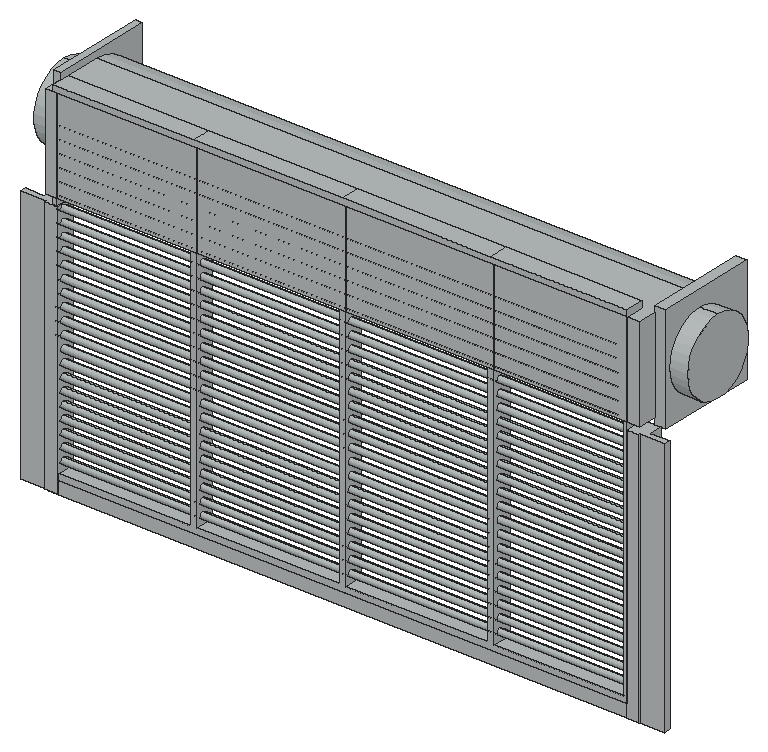
Revit family "DAL_A3-Roller-Shutter-Above-Counter", category Doors, host Wall, Revit 2016
Family settings
  Host = Wall
  Always vertical = Yes
  Cut with Voids When Loaded = No
  Shared = No
  Room Calculation Point = No
Parameters (values of type "2400 x 1000mm Roller Shutter")
  Function = Interior
  Construction Type = "R.S."
  Assembly Code = ""
  Finish = Metal - Steel
  Height = 1000 mm
  Wall Closure = By host
  Width = 2400 mm
Reference planes
  plane 1: y = 0
  plane 2 "Center": x = 0
  plane 3 "Left": x = -1200
  plane 4 "Right": x = 1200
  plane 5 "Top": z = 2155
  plane 6: y = 76.2
  plane 7: y = 152.4
  plane 8: x = 1244.6
  plane 9: x = -1244.6
  plane 10: x = -1168.4
  plane 11: x = 600
  plane 12: x = -600
Forms (mm)
  Sweep 1, solid, material "Metal - Steel" <- "Finish"
    path origin (0, 76.2, 0) x (0, 0, -1) y (1, 0, 0)
      loop
        line (-2198.6, 1200) -> (-1155, 1200)
    profile origin (0, 76.2, 1676.8) x (0, -1, 0) y (1, 0, 0)
      loop
        line (0, 1200) -> (0, 1301.6) -> (-25.4, 1301.6) -> (-25.4, 1225.4) -> (-76.2, 1225.4) -> (-76.2, 1149.2) -> (3, 1149.2) -> (3, 1200) -> (0, 1200)
  Extrusion 2, solid, material "Metal - Steel" <- "Finish"
    sketch origin (1244.6, 0, 450) x (0, 0, 1) y (0, 1, 0)
      loop
        line (2180.4, 152.4) -> (2180.4, 562) -> (1748.6, 562) -> (1748.6, 152.4) -> (2180.4, 152.4)
    from 0 to 44.6
  Extrusion 3, solid, material "Metal - Steel" <- "Finish"
    sketch origin (-1200, 0, 450) x (0, -1, 0) y (0, 0, 1)
      loop
        line (-152.4, 1748.6) -> (-152.4, 2180.4) -> (-562, 2180.4) -> (-562, 1748.6) -> (-152.4, 1748.6)
    from 0 to 25.4
  Extrusion 4, solid, material "Metal - Steel" <- "Finish"
    sketch origin (1200, 0, 0) x (0, -1, 0) y (0, 0, 1)
      loop
        line (-76.2, 2224) -> (-76.2, 2605) -> (-329.186, 2605)
        arc (-329.186, 2605) -> (-519.686, 2414.5) -> (-329.186, 2224) r 190.5
        line (-329.186, 2224) -> (-76.2, 2224)
    from 0 to 2400
  Extrusion 5, solid, material "Metal - Steel" <- "Finish"
    sketch origin (1200, 0, 0) x (0, -1, 0) y (0, 0, 1)
      loop
        line (-76.2, 1205) -> (-152.4, 1205) -> (-152.4, 1155) -> (-76.2, 1155) -> (-76.2, 1205)
    from 0 to 2387.6
  Extrusion 6, solid, material "Metal - Steel" <- "Finish"
    sketch origin (0, 0, 0) x (1, 0, 0) y (0, 0, 1)
      loop
        line (600, 1205) -> (1149.2, 1205) -> (1149.2, 2630.4) -> (600, 2630.4) -> (0, 2630.4) -> (-600, 2630.4) -> (-1168.4, 2630.4) -> (-1168.4, 1205) -> (-600, 1205) -> (0, 1205) -> (600, 1205)
      loop
        line (1136.5, 2605) -> (612.7, 2605) -> (612.7, 1230.4) -> (1136.5, 1230.4) -> (1136.5, 2605)
      loop
        line (12.7, 2605) -> (12.7, 1230.4) -> (587.3, 1230.4) -> (587.3, 2605) -> (12.7, 2605)
      loop
        line (-1155.7, 2605) -> (-1155.7, 1230.4) -> (-612.7, 1230.4) -> (-612.7, 2605) -> (-1155.7, 2605)
      loop
        line (-12.7, 2605) -> (-587.3, 2605) -> (-587.3, 1230.4) -> (-12.7, 1230.4) -> (-12.7, 2605)
    from -76.2 to -152.4
  Extrusion 7, solid, material "Metal - Steel"
    sketch origin (-1168.4, 100, 1155) x (0, 0, -1) y (0, 1, 0)
      loop
        circle (-165.1, 0) r 12.7
    from 0 to 2311.4
  Sweep 8, solid, material "Metal - Steel" <- "Finish"
    path origin (0, 76.2, 0) x (0, 0, -1) y (1, 0, 0)
      loop
        line (-2198.6, -1200) -> (-1158.6, -1200)
    profile origin (0, 76.2, 1678.6) x (0, -1, 0) y (1, 0, 0)
      loop
        line (0, -1200) -> (3, -1200) -> (3, -1149.2) -> (-76.2, -1149.2) -> (-76.2, -1225.4) -> (-25.4, -1225.4) -> (-25.4, -1301.6) -> (0, -1301.6) -> (0, -1200)
  Extrusion 9, solid, material "Metal - Steel" <- "Finish"
    sketch origin (1244.6, -100, 450) x (0, 0, 1) y (0, 1, 0)
      loop
        circle (1965.215, 421.182) r 152.4
    from 0 to -76.2
  Extrusion 10, solid, material "Metal - Steel"
    sketch origin (-1168.4, 100, 1205.8) x (0, 0, -1) y (0, 1, 0)
      loop
        circle (-165.1, 0) r 12.7
    from 0 to 2311.4
  Extrusion 11, solid, material "Metal - Steel"
    sketch origin (-1168.4, 100, 1256.6) x (0, 0, -1) y (0, 1, 0)
      loop
        circle (-165.1, 0) r 12.7
    from 0 to 2311.4
  Extrusion 12, solid, material "Metal - Steel"
    sketch origin (-1168.4, 100, 1307.4) x (0, 0, -1) y (0, 1, 0)
      loop
        circle (-165.1, 0) r 12.7
    from 0 to 2311.4
  Extrusion 13, solid, material "Metal - Steel"
    sketch origin (-1168.4, 100, 1358.2) x (0, 0, -1) y (0, 1, 0)
      loop
        circle (-165.1, 0) r 12.7
    from 0 to 2311.4
  Extrusion 14, solid, material "Metal - Steel"
    sketch origin (-1168.4, 100, 1409) x (0, 0, -1) y (0, 1, 0)
      loop
        circle (-165.1, 0) r 12.7
    from 0 to 2311.4
  Extrusion 15, solid, material "Metal - Steel"
    sketch origin (-1168.4, 100, 1459.8) x (0, 0, -1) y (0, 1, 0)
      loop
        circle (-165.1, 0) r 12.7
    from 0 to 2311.4
  Extrusion 16, solid, material "Metal - Steel"
    sketch origin (-1168.4, 100, 1510.6) x (0, 0, -1) y (0, 1, 0)
      loop
        circle (-165.1, 0) r 12.7
    from 0 to 2311.4
  Extrusion 17, solid, material "Metal - Steel"
    sketch origin (-1168.4, 100, 1561.4) x (0, 0, -1) y (0, 1, 0)
      loop
        circle (-165.1, 0) r 12.7
    from 0 to 2311.4
  Extrusion 18, solid, material "Metal - Steel"
    sketch origin (-1168.4, 100, 1612.2) x (0, 0, -1) y (0, 1, 0)
      loop
        circle (-165.1, 0) r 12.7
    from 0 to 2311.4
  Extrusion 19, solid, material "Metal - Steel"
    sketch origin (-1168.4, 100, 1663) x (0, 0, -1) y (0, 1, 0)
      loop
        circle (-165.1, 0) r 12.7
    from 0 to 2311.4
  Extrusion 20, solid, material "Metal - Steel"
    sketch origin (-1168.4, 100, 1713.8) x (0, 0, -1) y (0, 1, 0)
      loop
        circle (-165.1, 0) r 12.7
    from 0 to 2311.4
  Extrusion 21, solid, material "Metal - Steel"
    sketch origin (-1168.4, 100, 1764.6) x (0, 0, -1) y (0, 1, 0)
      loop
        circle (-165.1, 0) r 12.7
    from 0 to 2311.4
  Extrusion 22, solid, material "Metal - Steel"
    sketch origin (-1168.4, 100, 1815.4) x (0, 0, -1) y (0, 1, 0)
      loop
        circle (-165.1, 0) r 12.7
    from 0 to 2311.4
  Extrusion 23, solid, material "Metal - Steel"
    sketch origin (-1168.4, 100, 1866.2) x (0, 0, -1) y (0, 1, 0)
      loop
        circle (-165.1, 0) r 12.7
    from 0 to 2311.4
  Extrusion 24, solid, material "Metal - Steel"
    sketch origin (-1168.4, 100, 1917) x (0, 0, -1) y (0, 1, 0)
      loop
        circle (-165.1, 0) r 12.7
    from 0 to 2311.4
  Extrusion 25, solid, material "Metal - Steel"
    sketch origin (-1168.4, 100, 1967.8) x (0, 0, -1) y (0, 1, 0)
      loop
        circle (-165.1, 0) r 12.7
    from 0 to 2311.4
  Extrusion 26, solid, material "Metal - Steel"
    sketch origin (-1168.4, 100, 2018.6) x (0, 0, -1) y (0, 1, 0)
      loop
        circle (-165.1, 0) r 12.7
    from 0 to 2311.4
  Extrusion 27, solid, material "Metal - Steel"
    sketch origin (-1168.4, 100, 2069.4) x (0, 0, -1) y (0, 1, 0)
      loop
        circle (-165.1, 0) r 12.7
    from 0 to 2311.4
  Extrusion 28, solid, material "Metal - Steel"
    sketch origin (-1168.4, 100, 2120.2) x (0, 0, -1) y (0, 1, 0)
      loop
        circle (-165.1, 0) r 12.7
    from 0 to 2311.4
  Extrusion 29, solid, material "Metal - Steel"
    sketch origin (-1168.4, 100, 2171) x (0, 0, -1) y (0, 1, 0)
      loop
        circle (-165.1, 0) r 12.7
    from 0 to 2311.4
  Extrusion 30, solid, material "Metal - Steel"
    sketch origin (-1168.4, 100, 2221.8) x (0, 0, -1) y (0, 1, 0)
      loop
        circle (-165.1, 0) r 12.7
    from 0 to 2311.4
  Extrusion 31, solid, material "Metal - Steel"
    sketch origin (-1168.4, 100, 2272.6) x (0, 0, -1) y (0, 1, 0)
      loop
        circle (-165.1, 0) r 12.7
    from 0 to 2311.4
  Extrusion 32, solid, material "Metal - Steel"
    sketch origin (-1168.4, 100, 2323.4) x (0, 0, -1) y (0, 1, 0)
      loop
        circle (-165.1, 0) r 12.7
    from 0 to 2311.4
  Extrusion 33, solid, material "Metal - Steel" <- "Finish"
    sketch origin (-1244.6, 40, 450) x (0, 0, 1) y (0, -1, 0)
      loop
        circle (1965.215, -281.182) r 152.4
    from 0 to -76.2
  Extrusion 34, solid, material "Metal - Steel"
    sketch origin (-1168.4, 100, 1104.2) x (0, 0, -1) y (0, 1, 0)
      loop
        circle (-165.1, 0) r 12.7
    from 0 to 2311.4
  Extrusion 35, solid, material "Metal - Steel", not visible
    sketch origin (-1168.4, 100, 1155) x (0, 0, -1) y (0, 1, 0)
      loop
        circle (-165.1, 0) r 12.7
    from 0 to 2311.4
Lines and regions (mm)
  Opening 1
    outline origin (-2286, -76.2, 1155) x (1, 0, 0) y (0, 0, 1)
      loop
        line (1086, 0) -> (3486, 0) -> (3486, 1000) -> (1086, 1000) -> (1086, 0)
Text (mm)
  text "Exterior" at (-2144.48, 938.977, 0), in view "Counter Level"
  text "Interior" at (-2144.48, -638.649, 0), in view "Counter Level"
  text "Exterior" at (0, 1019.848, 3124.603), in view "Right"
  text "Interior" at (0, -1635.541, 3124.603), in view "Right"
  text "Interior" at (0, -986.491, 3496.909), in view "Left"
  text "Exterior" at (0, 1920.059, 3496.909), in view "Left"
Dimensions and locks
  equal spacing: plane 3 "Left", plane 2 "Center", plane 4 "Right"
  "Height": level to plane 5 "Top"
  "Width": plane 3 "Left" to plane 4 "Right"
  equal spacing: plane 2 "Center", plane 11, plane 4 "Right"
  equal spacing: plane 2 "Center", plane 12, plane 3 "Left"
  level to Extrusion 3 = 1043.6 mm
  Extrusion 3 to Extrusion 3 = 431.8 mm
  level to plane 5 "Top" = 1000 mm
  plane 4 "Right" to plane 8 = 44.6 mm
  plane 9 to plane 3 "Left" = 44.6 mm
  plane 2 "Center" to plane 11 to plane 4 "Right" = 600 mm, 600 mm
  plane 2 "Center" to plane 12 to plane 3 "Left" = 600 mm, 600 mm
  plane 10 to plane 3 "Left" = 31.6 mm
  aligned and locked: plane 3 "Left" to Opening 1 sketch curve
  aligned and locked: plane 5 "Top" to Opening 1 sketch curve  (x2)
  aligned and locked: Opening 1 sketch curve to plane 4 "Right"
  aligned and locked: Opening 1 sketch curve to level
  aligned and locked: plane 3 "Left" to Extrusion 4
  aligned and locked: plane 4 "Right" to Extrusion 2
Automatic sketch dimensions
  Extrusion 5 sketch curve to level = 0 mm
  Extrusion 5 sketch curve to host wall = 76.2 mm
  Extrusion 5 sketch curve to host wall = 152.4 mm
  level to Extrusion 5 sketch curve = 50 mm
  Extrusion 9 sketch curve to plane 5 "Top" = 107.815 mm
  Extrusion 9 sketch curve to Extrusion 9 sketch curve = 152.4 mm
  Extrusion 9 sketch curve to host wall = 321.182 mm
  host sketch curve to host sketch curve = 12.7 mm  (x26)
  Extrusion 7 sketch curve to Extrusion 7 sketch curve = 12.7 mm
  Extrusion 10 sketch curve to Extrusion 10 sketch curve = 12.7 mm
  Extrusion 11 sketch curve to Extrusion 11 sketch curve = 12.7 mm
  Extrusion 12 sketch curve to Extrusion 12 sketch curve = 12.7 mm
  Extrusion 13 sketch curve to Extrusion 13 sketch curve = 12.7 mm
  Extrusion 14 sketch curve to Extrusion 14 sketch curve = 12.7 mm
  Extrusion 15 sketch curve to Extrusion 15 sketch curve = 12.7 mm
  Extrusion 16 sketch curve to Extrusion 16 sketch curve = 12.7 mm
  Extrusion 17 sketch curve to Extrusion 17 sketch curve = 12.7 mm
  Extrusion 18 sketch curve to Extrusion 18 sketch curve = 12.7 mm
  Extrusion 19 sketch curve to Extrusion 19 sketch curve = 12.7 mm
  Extrusion 20 sketch curve to Extrusion 20 sketch curve = 12.7 mm
  Extrusion 21 sketch curve to Extrusion 21 sketch curve = 12.7 mm
  Extrusion 22 sketch curve to Extrusion 22 sketch curve = 12.7 mm
  Extrusion 23 sketch curve to Extrusion 23 sketch curve = 12.7 mm
  Extrusion 24 sketch curve to Extrusion 24 sketch curve = 12.7 mm
  Extrusion 25 sketch curve to Extrusion 25 sketch curve = 12.7 mm
  Extrusion 26 sketch curve to Extrusion 26 sketch curve = 12.7 mm
  Extrusion 27 sketch curve to Extrusion 27 sketch curve = 12.7 mm
  Extrusion 28 sketch curve to Extrusion 28 sketch curve = 12.7 mm
  Extrusion 29 sketch curve to Extrusion 29 sketch curve = 12.7 mm
  Extrusion 30 sketch curve to Extrusion 30 sketch curve = 12.7 mm
  Extrusion 31 sketch curve to Extrusion 31 sketch curve = 12.7 mm
  Extrusion 32 sketch curve to Extrusion 32 sketch curve = 12.7 mm
  Extrusion 33 sketch curve to plane 5 "Top" = 107.815 mm
  Extrusion 33 sketch curve to Extrusion 33 sketch curve = 152.4 mm
  Extrusion 33 sketch curve to plane 7 = 168.782 mm
  Extrusion 3 sketch curve to plane 7 = 0 mm
  Extrusion 3 sketch curve to plane 5 "Top" = 475.4 mm
  Extrusion 3 sketch curve to plane 7 = 409.6 mm
  Extrusion 3 sketch curve to plane 5 "Top" = 43.6 mm
  Extrusion 2 sketch curve to plane 7 = 0 mm
  Extrusion 2 sketch curve to plane 5 "Top" = 43.6 mm
  Extrusion 2 sketch curve to plane 5 "Top" = 475.4 mm
  Extrusion 2 sketch curve to Extrusion 2 sketch curve = 409.6 mm
  Sweep 8 sketch curve to profile plane = 0 mm
  profile plane to Sweep 8 sketch curve = 25.4 mm
  Sweep 8 sketch curve to Sweep 8 sketch curve = 50.8 mm  (x2)
  Sweep 8 sketch curve to Sweep 8 sketch curve = 25.4 mm
  Sweep 8 sketch curve to Sweep 8 sketch curve = 3 mm
  Sweep 8 sketch curve to Sweep 8 sketch curve = 76.2 mm
  Sweep 1 sketch curve to plane 6 = 0 mm
  Sweep 1 sketch curve to profile plane = 0 mm
  Sweep 1 sketch curve to plane 6 = 25.4 mm
  Sweep 1 sketch curve to plane 6 = 76.2 mm
  plane 6 to Sweep 1 sketch curve = 3 mm
  profile plane to Sweep 1 sketch curve = 50.8 mm
  Sweep 1 sketch curve to profile plane = 25.4 mm
  Sweep 1 sketch curve to Sweep 1 sketch curve = 76.2 mm
  Extrusion 4 sketch curve to host wall = 0 mm
  Extrusion 4 sketch curve to plane 5 "Top" = 69 mm
  Extrusion 4 sketch curve to plane 7 = 176.786 mm
  Extrusion 4 sketch curve to Extrusion 4 sketch curve = 190.5 mm
  Extrusion 6 sketch curve to plane 10 = 0 mm
  Extrusion 6 sketch curve to plane 12 = 0 mm  (x2)
  Extrusion 6 sketch curve to plane 2 "Center" = 0 mm  (x2)
  Extrusion 6 sketch curve to plane 11 = 0 mm  (x2)
  plane 10 to Extrusion 6 sketch curve = 12.7 mm
  Extrusion 6 sketch curve to plane 12 = 12.7 mm
  plane 12 to Extrusion 6 sketch curve = 12.7 mm
  Extrusion 6 sketch curve to plane 2 "Center" = 12.7 mm
  plane 2 "Center" to Extrusion 6 sketch curve = 12.7 mm
  Extrusion 6 sketch curve to plane 11 = 12.7 mm
  plane 11 to Extrusion 6 sketch curve = 12.7 mm
  plane 4 "Right" to Extrusion 6 sketch curve = 63.5 mm
  Extrusion 6 sketch curve to Extrusion 6 sketch curve = 12.7 mm
  level to Extrusion 6 sketch curve = 50 mm
  Extrusion 6 sketch curve to Extrusion 6 sketch curve = 25.4 mm  (x3)
  Extrusion 6 sketch curve to Extrusion 6 sketch curve = 0 mm  (x3)
  Extrusion 6 sketch curve to plane 5 "Top" = 450 mm  (x3)
  Extrusion 34 sketch curve to Extrusion 34 sketch curve = 12.7 mm
  Sweep 1 sketch curve to plane 4 "Right" = 0 mm
  Sweep 1 sketch curve to level = 0 mm
  Sweep 1 sketch curve to plane 5 "Top" = 43.6 mm
  Sweep 8 sketch curve to plane 3 "Left" = 0 mm
  Sweep 8 sketch curve to plane 5 "Top" = 43.6 mm
  level to Sweep 8 sketch curve = 3.6 mm
  Extrusion 35 sketch curve to Extrusion 35 sketch curve = 12.7 mm
